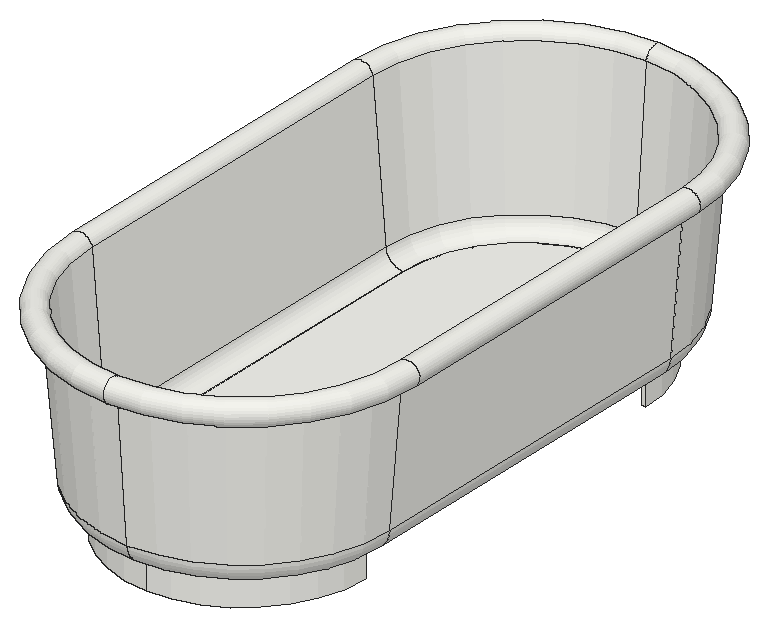
Revit family "a2a7cabf81c5442fad3c2b731373a16f", category Plumbing Fixtures, Revit 2021
Family settings
  Round Connector Dimension = Use Diameter
  Part Type = Normal
  OmniClass Number = 23.45.05.14.21.11
  OmniClass Title = Bath/Shower Units
  Seek Item ID = Tub-Free Standing-3D-0000-USA-ENU
  Work Plane-Based = No
  Always vertical = Yes
  Cut with Voids When Loaded = No
  Shared = No
  Room Calculation Point = No
Parameters (values of type "30" x 60"")
  Default Elevation = 0' - 0"
  Assembly Code = "D2010110"
  Height = 1' - 6"
  Length = 5' - 0"
  Tub Material = Porcelain, Ivory
  Width = 2' - 6"
Reference planes (in)
  plane 1 "Center (Front/Back)": y = 0
  plane 2: z = 0
  plane 3 "Center (Left/Right)": x = 0
  plane 4: x = 15
  plane 5: x = -15
  plane 6: y = 30
  plane 7: y = -30
  plane 8: z = 17
  plane 9: z = 2.5
  plane 10: z = 18
Forms (in)
  Sweep 1, solid, material "Porcelain, Ivory"
    path origin (0, 0, 17) x (1, 0, 0) y (0, 1, 0)
      loop
        arc (13, 15) -> (9.19239, 24.19239) -> (0, 28) r 13
        arc (0, 28) -> (-9.19239, 24.19239) -> (-13, 15) r 13
        line (-13, 15) -> (-13, -15)
        arc (-13, -15) -> (-9.19239, -24.19239) -> (0, -28) r 13
        arc (0, -28) -> (9.19239, -24.19239) -> (13, -15) r 13
        line (13, -15) -> (13, 15)
    profile origin (0, 0, 17) x (1, 0, 0) y (0, 0, 1)
      loop
        line (13.01008, 0.14166) -> (11.89911, -12.55682)
        arc (11.89911, -12.55682) -> (11.41821, -13.532) -> (10.40482, -13.92608) r 1.5
        line (10.40482, -13.92608) -> (10.40482, -14.51364)
        arc (10.40482, -14.51364) -> (11.81515, -13.96519) -> (12.48443, -12.60803) r 2.08755
        line (12.48443, -12.60803) -> (13.5, -1) -> (14, -1)
        arc (14, -1) -> (14.75553, 0.65511) -> (13.01008, 0.14166) r 1
  Extrusion 2, solid, material "Porcelain, Ivory"
    sketch origin (0, 0, 2.5) x (0, -1, 0) y (1, 0, 0)
      loop
        line (-15, -10.40482) -> (15, -10.40482)
        arc (15, -10.40482) -> (22.35732, -7.35732) -> (25.40482, 0) r 10.40482
        arc (25.40482, 0) -> (22.35732, 7.35732) -> (15, 10.40482) r 10.40482
        line (15, 10.40482) -> (-15, 10.40482)
        arc (-15, 10.40482) -> (-22.35732, 7.35732) -> (-25.40482, 0) r 10.40482
        arc (-25.40482, 0) -> (-22.35732, -7.35732) -> (-15, -10.40482) r 10.40482
    from 0 to 0.59375
  Extrusion 3, solid, material "Porcelain, Ivory"
    sketch origin (0, 0, 0) x (1, 0, 0) y (0, 1, 0)
      loop
        arc (-10.40482, -15) -> (-7.35732, -22.35732) -> (0, -25.40482) r 10.40482
        arc (0, -25.40482) -> (7.35732, -22.35732) -> (10.40482, -15) r 10.40482
        line (10.40482, -15) -> (10, -15)
        arc (10, -15) -> (7.07107, -22.07107) -> (0, -25) r 10
        arc (0, -25) -> (-7.07107, -22.07107) -> (-10, -15) r 10
        line (-10, -15) -> (-10.40482, -15)
    from 0 to 2.5
  Extrusion 4, solid, material "Porcelain, Ivory"
    sketch origin (0, 0, 0) x (1, 0, 0) y (0, 1, 0)
      loop
        arc (-10, 15) -> (-7.07107, 22.07107) -> (0, 25) r 10
        arc (0, 25) -> (7.07107, 22.07107) -> (10, 15) r 10
        line (10, 15) -> (10.40482, 15)
        arc (10.40482, 15) -> (7.35732, 22.35732) -> (0, 25.40482) r 10.40482
        arc (0, 25.40482) -> (-7.35732, 22.35732) -> (-10.40482, 15) r 10.40482
        line (-10.40482, 15) -> (-10, 15)
    from 0 to 2.5
Lines and regions (in)
  Masking region 1
    outline origin (0, 0, 0) x (1, 0, 0) y (0, 1, 0)
      loop
        arc (-1, 30) -> (-10.89949, 25.89949) -> (-15, 16) r 14
        line (-15, 16) -> (-15, -16)
        arc (-15, -16) -> (-10.89949, -25.89949) -> (-1, -30) r 14
        line (-1, -30) -> (1, -30)
        arc (1, -30) -> (10.89949, -25.89949) -> (15, -16) r 14
        line (15, -16) -> (15, 16)
        arc (15, 16) -> (10.89949, 25.89949) -> (1, 30) r 14
        line (1, 30) -> (-1, 30)
  symbolic lines
    curve 1: line (-1, 30, 0) -> (1, 30, 0)
    curve 2: line (-15, -16, 0) -> (-15, 16, 0)
    curve 3: line (1, -30, 0) -> (-1, -30, 0)
    curve 4: line (15, 16, 0) -> (15, -16, 0)
    curve 5: arc (-1, 30, 0) -> (-10.89949, 25.89949, 0) -> (-15, 16, 0) r 14
    curve 6: arc (1, 30, 0) -> (10.89949, 25.89949, 0) -> (15, 16, 0) r 14
    curve 7: arc (-1, -30, 0) -> (-10.89949, -25.89949, 0) -> (-15, -16, 0) r 14
    curve 8: arc (15, -16, 0) -> (10.89949, -25.89949, 0) -> (1, -30, 0) r 14
    curve 9: line (-13, -15, 0) -> (-13, 15, 0)
    curve 10: line (13, 15, 0) -> (13, -15, 0)
    curve 11: arc (-13, 15, 0) -> (0, 28, 0) -> (13, 15, 0) r 13
    curve 12: arc (-13, -15, 0) -> (0, -28, 0) -> (13, -15, 0) r 13
    curve 13: arc (1, 16, 0) -> (0, 17, 0) -> (-1, 16, 0) r 1
    curve 14: arc (-1, 16, 0) -> (0, 15, 0) -> (1, 16, 0) r 1
Dimensions and locks (in)
  equal spacing: plane 5, plane 3 "Center (Left/Right)", plane 4
  equal spacing: plane 7, plane 1 "Center (Front/Back)", plane 6
  "Width": plane 5 to plane 4
  "Length": plane 7 to plane 6
  locked: plane 9 to plane 8 at 14.5
  locked: plane 8 to plane 10 at 1
  "Height": plane 2 to plane 10
  locked: Sweep 1 sketch curve to plane 6 at 2
  locked: plane 7 to Sweep 1 sketch curve at 2
  locked: plane 7 to Extrusion 2 sketch curve at 4.59518
  locked: plane 7 to Extrusion 3 sketch curve at 4.59518
  locked: Extrusion 4 sketch curve to plane 6 at 4.59518
  locked: Extrusion 4 sketch curve to plane 4 at 4.59518
  aligned and locked: Extrusion 3 to plane 9
  aligned and locked: Extrusion 4 to plane 9
  aligned and locked: Masking region 1 sketch curve to curve 5
  aligned: Masking region 1 sketch curve to curve 7
Automatic sketch dimensions
  curve 7 to plane 5 = 0' - 0"
  curve 5 to plane 6 = 0' - 0"
  curve 3 to plane 7 = 0' - 0"
  curve 13 to plane 3 "Center (Left/Right)" = 0' - 0"
  curve 11 to plane 3 "Center (Left/Right)" = 0' - 0"
  curve 4 to plane 4 = 0' - 0"
  curve 11 to plane 5 = 0' - 2"
  curve 14 to plane 3 "Center (Left/Right)" = 0' - 1"
  curve 5 to plane 3 "Center (Left/Right)" = 0' - 1"
  curve 7 to plane 3 "Center (Left/Right)" = 0' - 1"
  plane 3 "Center (Left/Right)" to curve 3 = 0' - 1"
  curve 6 to curve 13 = 0' - 0"
  curve 4 to curve 10 = 0' - 1"
  curve 9 to curve 2 = 0' - 1"
  curve 13 to curve 6 = 0' - 0"
  Sweep 1 sketch curve to plane 8 = 0' - 0"
  profile plane to Sweep 1 sketch curve = 0' - 2.59518"
  profile plane to Sweep 1 sketch curve = 0' - 1.10089"
  profile plane to Sweep 1 sketch curve = 0' - 0.51557"
  Sweep 1 sketch curve to profile plane = 0' - 0.01008"
  Sweep 1 sketch curve to profile plane = 0' - 0 1/2"
  Sweep 1 sketch curve to Sweep 1 sketch curve = 0' - 0 1/2"
  Sweep 1 sketch curve to Sweep 1 sketch curve = 0' - 1"
  Sweep 1 sketch curve to Sweep 1 sketch curve = 0' - 11.42608"
  Sweep 1 sketch curve to Sweep 1 sketch curve = 0' - 0"
  Sweep 1 sketch curve to Sweep 1 sketch curve = 0' - 0.13073"
  Sweep 1 sketch curve to Sweep 1 sketch curve = 0' - 0.05121"
  Sweep 1 sketch curve to plane 3 "Center (Left/Right)" = 0' - 0"  (x2)
  Sweep 1 sketch curve to plane 5 = 0' - 2"
  plane 4 to Sweep 1 sketch curve = 0' - 2"
  Extrusion 2 sketch curve to plane 3 "Center (Left/Right)" = 0' - 0"  (x2)
  plane 6 to Extrusion 2 sketch curve = 0' - 4.59518"
  plane 4 to Extrusion 2 sketch curve = 0' - 4.59518"
  Extrusion 2 sketch curve to Extrusion 2 sketch curve = 0' - 0"
  Extrusion 3 sketch curve to plane 3 "Center (Left/Right)" = 0' - 0"  (x2)
  Extrusion 3 sketch curve to plane 5 = 0' - 5"
  Extrusion 3 sketch curve to Extrusion 3 sketch curve = 0' - 0.40482"
  plane 4 to Extrusion 3 sketch curve = 0' - 5"
  Extrusion 4 sketch curve to plane 3 "Center (Left/Right)" = 0' - 0"  (x2)
  Extrusion 4 sketch curve to plane 5 = 0' - 5"
  Extrusion 4 sketch curve to Extrusion 4 sketch curve = 0' - 0.40482"
  plane 3 "Center (Left/Right)" to Masking region 1 sketch curve = 0' - 1"  (x2)
  Masking region 1 sketch curve to plane 4 = 0' - 0"
  Masking region 1 sketch curve to plane 7 = 0' - 0"
  Masking region 1 sketch curve to plane 3 "Center (Left/Right)" = 0' - 1"
